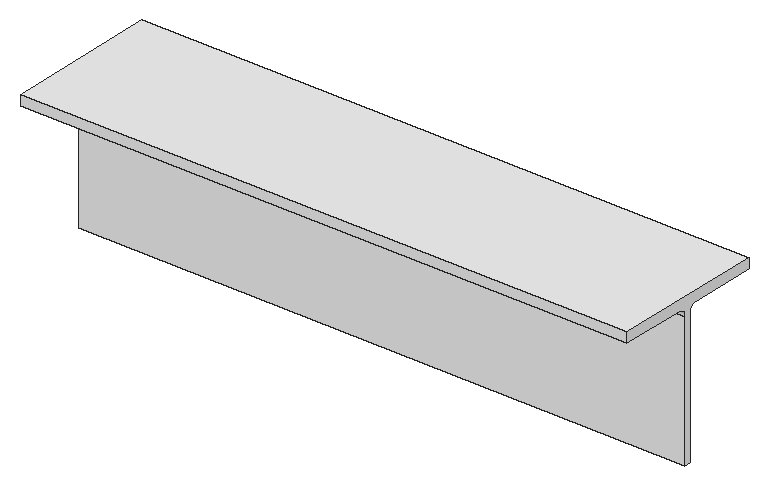
Revit family "UBT-T estrutural", category Quadro estrutural, Revit 2019
Family settings
  Arredondamento do comprimento do framing estrutural = 0 mm
  Forma do corte = Não definido
  Material para o comportamento do modelo = Aço
  Exportar sempre como geometria = Não
  Número OmniClass = 23.25.30.11.14.14
  Título OmniClass = Beams
  ID de item do Seek = UBT-Structural Tee-0000-CAN-ENU
  Sempre na vertical = Sim
  Corte com vazios quando carregada = Não
  Representação simbólica = Das configurações de projeto
  Compartilhado = Não
  Exibir o pré-corte da família na vista da planta = Sim
Parameters (values of type "305x305x75UBT")
  W = 0
  Structural Material [instance] = Aço, 45-345
  Assembly Code = ""
  Ix = 7415
  Length [instance] = 1524 mm
  M = 74.6
  Zx = 1150
  b = 306.1 mm
  h = 304.8 mm
  r = 16.5 mm
  s = 11.8 mm
  t = 19.7 mm
  A = 0.01 m²
Reference planes
  plane 1 "Centro (Frente/Trás)": y = 0
  plane 2: z = 0
  plane 3 "Centro (Esquerda/Direita)": x = 4.61
  plane 4 "Membro esquerdo": x = -604.99
  plane 5 "Membro direito": x = 614.21
  plane 6: y = 153.05
  plane 7: y = -153.05
  plane 8 "Superior": z = 152.4
  plane 9: z = -152.4
  plane 10 "Esquerda": x = -757.39
  plane 11 "Direita": x = 766.61
Forms (mm)
  Sweep 1, solid, material "Aço, 45-345" <- "Structural Material", detail levels medium
    path origin (0, 0, 0) x (1, 0, 0) y (0, 1, 0)
      loop
        line (614.21, 0) -> (-604.99, 0)
    profile "M_T estrutural-Perfil-Médio : M_T estrutural-Perfil-Médio" origin (4.61, 0, 0) x (0, -1, 0) y (0, 0, 1)
      loop
        line (-153.05, 152.4) -> (-153.05, 132.7) -> (-5.9, 132.7) -> (-5.9, -152.4) -> (5.9, -152.4) -> (5.9, 132.7) -> (153.05, 132.7) -> (153.05, 152.4) -> (-153.05, 152.4)
  Sweep 2, solid, material "Aço, 45-345" <- "Structural Material", detail levels fine
    path origin (0, 0, 0) x (1, 0, 0) y (0, 1, 0)
      loop
        line (614.21, 0) -> (-604.99, 0)
    profile "M_T estrutural-Perfil-Alto : M_T estrutural-Perfil-Alto" origin (4.61, 0, 0) x (0, -1, 0) y (0, 0, 1)
      loop
        line (-153.05, 152.4) -> (-153.05, 132.7) -> (-22.4, 132.7)
        arc (-22.4, 132.7) -> (-10.733, 127.867) -> (-5.9, 116.2) r 16.5
        line (-5.9, 116.2) -> (-5.9, -152.4) -> (5.9, -152.4) -> (5.9, 116.2)
        arc (5.9, 116.2) -> (10.733, 127.867) -> (22.4, 132.7) r 16.5
        line (22.4, 132.7) -> (153.05, 132.7) -> (153.05, 152.4) -> (-153.05, 152.4)
Lines and regions (mm)
  symbolic lines, style "Faces ocultas", detail levels medium+fine
    curve 1: line (614.21, -5.9, 0) -> (-604.99, -5.9, 0)
    curve 2: line (614.21, 5.9, 0) -> (-604.99, 5.9, 0)
  symbolic lines, style "Símbolos de vara", detail levels coarse
    curve 3: line (4.61, 153.05, 152.4) -> (4.61, -153.05, 152.4)
    curve 4: line (4.61, 0, 152.4) -> (4.61, 0, -152.4)
Dimensions and locks
  "b": plane 6 to plane 7
  "h": plane 9 to plane 8 "Superior"
  equal spacing: plane 9, plane 2, plane 8 "Superior"
  equal spacing: plane 6, plane 1 "Centro (Frente/Trás)", plane 7
  "Length": plane 10 "Esquerda" to plane 11 "Direita"
  aligned and locked: Sweep 1 sketch curve to plane 1 "Centro (Frente/Trás)"
  aligned and locked: Sweep 2 sketch curve to plane 1 "Centro (Frente/Trás)"
  aligned and locked: Sweep 2 to curve 3  (x2)
  aligned and locked: curve 4 to Sweep 1
  aligned and locked: curve 3 to Sweep 2
  aligned and locked: plane 4 "Membro esquerdo" to Sweep 2 sketch curve
  aligned and locked: plane 5 "Membro direito" to Sweep 2 sketch curve
  aligned and locked: plane 4 "Membro esquerdo" to Sweep 1 sketch curve
  aligned and locked: plane 5 "Membro direito" to Sweep 1 sketch curve
  aligned and locked: plane 4 "Membro esquerdo" to curve 2
  aligned and locked: plane 4 "Membro esquerdo" to curve 1
  aligned and locked: plane 5 "Membro direito" to curve 2
  aligned and locked: plane 5 "Membro direito" to curve 1
Automatic sketch dimensions
  plane 1 "Centro (Frente/Trás)" to curve 1 = 5.9 mm
  curve 2 to plane 1 "Centro (Frente/Trás)" = 5.9 mm
  curve 4 to plane 1 "Centro (Frente/Trás)" = 0 mm
Types in the file's own list only (63): name | Ix | M | Zx | b | h | r | s | t | A
  305x457x127UBT | 32700 | 126.7 | 2720 | 459 mm | 306 mm | 19 mm | 17 mm | 28 mm | 0.02 m²
  305x457x112UBT | 29060 | 112.1 | 2395 | 455 mm | 304 mm | 19 mm | 16 mm | 24 mm | 0.01 m²
  305x457x101UBT | 26350 | 100.4 | 2106 | 451 mm | 303 mm | 19 mm | 15 mm | 20 mm | 0.01 m²
  292x419x113UBT | 24620 | 113.3 | 2276 | 425 mm | 294 mm | 18 mm | 16 mm | 27 mm | 0.01 m²
  292x419x97UBT | 21340 | 96.9 | 1926 | 420 mm | 292 mm | 18 mm | 15 mm | 22 mm | 0.01 m²
  292x419x88UBT | 19570 | 87.9 | 1723 | 417 mm | 292 mm | 18 mm | 14 mm | 19 mm | 0.01 m²
  267x381x99UBT | 17510 | 98.4 | 1770 | 385 mm | 268 mm | 17 mm | 16 mm | 25 mm | 0.01 m²
  267x381x87UBT | 15480 | 86.5 | 1550 | 381 mm | 267 mm | 17 mm | 14 mm | 22 mm | 0.01 m²
  267x381x74UBT | 13240 | 73.5 | 1304 | 377 mm | 265 mm | 17 mm | 13 mm | 18 mm | 0.01 m²
  254x343x85UBT | 12050 | 85.1 | 1389 | 346 mm | 256 mm | 15 mm | 15 mm | 24 mm | 0.01 m²
  254x343x76UBT | 10750 | 76.2 | 1249 | 344 mm | 255 mm | 15 mm | 13 mm | 21 mm | 0.01 m²
  254x343x70UBT | 9910 | 70 | 1149 | 342 mm | 254 mm | 15 mm | 12 mm | 19 mm | 0.01 m²
  254x343x63UBT | 8976 | 62.6 | 1014 | 339 mm | 253 mm | 15 mm | 12 mm | 16 mm | 0.01 m²
  305x305x119UBT | 12340 | 119 | 1737 | 318 mm | 311 mm | 17 mm | 18 mm | 31 mm | 0.02 m²
  305x305x90UBT | 9043 | 89.5 | 1353 | 310 mm | 307 mm | 17 mm | 14 mm | 24 mm | 0.01 m²
  229x305x70UBT | 7741 | 69.9 | 1017 | 309 mm | 230 mm | 13 mm | 13 mm | 22 mm | 0.01 m²
  229x305x63UBT | 6898 | 62.5 | 915 | 306 mm | 229 mm | 13 mm | 12 mm | 20 mm | 0.01 m²
  229x305x57UBT | 6265 | 56.5 | 826 | 304 mm | 228 mm | 13 mm | 11 mm | 17 mm | 0.01 m²
  229x305x51UBT | 5691 | 50.6 | 732 | 301 mm | 228 mm | 13 mm | 11 mm | 15 mm | 0.01 m²
  210x267x61UBT | 5161 | 61 | 775 | 272 mm | 212 mm | 13 mm | 13 mm | 21 mm | 0.01 m²
  210x267x55UBT | 4604 | 54.5 | 697 | 270 mm | 211 mm | 13 mm | 12 mm | 19 mm | 0.01 m²
  210x267x51UBT | 4245 | 50.5 | 650 | 268 mm | 210 mm | 13 mm | 11 mm | 17 mm | 0.01 m²
  210x267x46UBT | 3885 | 46.1 | 593 | 267 mm | 209 mm | 13 mm | 10 mm | 16 mm | 0.01 m²
  210x267x41UBT | 3527 | 41.1 | 523 | 264 mm | 209 mm | 13 mm | 10 mm | 13 mm | 0.01 m²
  191x229x49UBT | 2967 | 49.2 | 536 | 234 mm | 193 mm | 10 mm | 11 mm | 20 mm | 0.01 m²
  191x229x45UBT | 2684 | 44.6 | 491 | 232 mm | 192 mm | 10 mm | 11 mm | 18 mm | 0.01 m²
  191x229x41UBT | 2474 | 41 | 452 | 230 mm | 191 mm | 10 mm | 10 mm | 16 mm | 0.01 m²
  191x229x37UBT | 2224 | 37.1 | 413 | 228 mm | 190 mm | 10 mm | 9 mm | 15 mm | 0.00 m²
  191x229x34UBT | 2034 | 33.6 | 372 | 227 mm | 190 mm | 10 mm | 9 mm | 13 mm | 0.00 m²
  152x229x41UBT | 2596 | 41 | 436 | 233 mm | 155 mm | 10 mm | 11 mm | 19 mm | 0.01 m²
  152x229x37UBT | 2332 | 37.1 | 397 | 231 mm | 154 mm | 10 mm | 10 mm | 17 mm | 0.00 m²
  152x229x34UBT | 2121 | 33.6 | 359 | 229 mm | 154 mm | 10 mm | 9 mm | 15 mm | 0.00 m²
  152x229x30UBT | 1879 | 29.9 | 322 | 227 mm | 153 mm | 10 mm | 8 mm | 13 mm | 0.00 m²
  152x229x26UBT | 1670 | 26.2 | 276 | 225 mm | 152 mm | 10 mm | 8 mm | 11 mm | 0.00 m²
  178x203x37UBT | 1736 | 37.1 | 365 | 206 mm | 180 mm | 10 mm | 10 mm | 16 mm | 0.00 m²
  178x203x34UBT | 1573 | 33.6 | 332 | 205 mm | 179 mm | 10 mm | 9 mm | 14 mm | 0.00 m²
  178x203x30UBT | 1395 | 30 | 301 | 203 mm | 178 mm | 10 mm | 8 mm | 13 mm | 0.00 m²
  178x203x27UBT | 1294 | 27.1 | 268 | 201 mm | 178 mm | 10 mm | 8 mm | 11 mm | 0.00 m²
  140x203x23UBT | 1123 | 23 | 224 | 202 mm | 142 mm | 10 mm | 7 mm | 11 mm | 0.00 m²
  140x203x20UBT | 979 | 19.5 | 184 | 199 mm | 142 mm | 10 mm | 6 mm | 9 mm | 0.00 m²
  171x178x34UBT | 1154 | 33.5 | 288 | 182 mm | 173 mm | 10 mm | 9 mm | 16 mm | 0.00 m²
  171x178x29UBT | 986 | 28.5 | 248 | 179 mm | 172 mm | 10 mm | 8 mm | 13 mm | 0.00 m²
  171x178x26UBT | 882 | 25.5 | 224 | 177 mm | 172 mm | 10 mm | 7 mm | 12 mm | 0.00 m²
  171x178x23UBT | 798 | 22.5 | 197 | 176 mm | 171 mm | 10 mm | 7 mm | 10 mm | 0.00 m²
  127x178x20UBT | 728 | 19.5 | 164 | 177 mm | 126 mm | 10 mm | 7 mm | 11 mm | 0.00 m²
  127x178x17UBT | 626 | 16.5 | 137 | 174 mm | 125 mm | 10 mm | 6 mm | 9 mm | 0.00 m²
  165x152x27UBT | 642 | 27 | 200 | 155 mm | 167 mm | 9 mm | 8 mm | 14 mm | 0.00 m²
  165x152x23UBT | 536 | 23.1 | 174 | 153 mm | 166 mm | 9 mm | 7 mm | 12 mm | 0.00 m²
  165x152x20UBT | 468 | 20.1 | 155 | 152 mm | 165 mm | 9 mm | 6 mm | 10 mm | 0.00 m²
  127x152x24UBT | 662 | 24 | 168 | 155 mm | 125 mm | 9 mm | 9 mm | 14 mm | 0.00 m²
  127x152x21UBT | 573 | 21 | 148 | 154 mm | 124 mm | 9 mm | 8 mm | 12 mm | 0.00 m²
  127x152x19UBT | 501 | 18.5 | 132 | 152 mm | 123 mm | 9 mm | 7 mm | 11 mm | 0.00 m²
  102x152x17UBT | 487 | 16.4 | 118 | 156 mm | 102 mm | 8 mm | 7 mm | 11 mm | 0.00 m²
  102x152x14UBT | 420 | 14.1 | 100 | 154 mm | 102 mm | 8 mm | 6 mm | 9 mm | 0.00 m²
  102x152x13UBT | 377 | 12.4 | 85 | 153 mm | 102 mm | 8 mm | 6 mm | 7 mm | 0.00 m²
  146x127x22UBT | 343 | 21.5 | 130 | 130 mm | 147 mm | 8 mm | 7 mm | 13 mm | 0.00 m²
  146x127x19UBT | 292 | 18.5 | 115 | 128 mm | 146 mm | 8 mm | 6 mm | 11 mm | 0.00 m²
  146x127x16UBT | 259 | 15.6 | 97.4 | 126 mm | 146 mm | 8 mm | 6 mm | 9 mm | 0.00 m²
  102x127x14UBT | 277 | 14.2 | 85.5 | 130 mm | 102 mm | 8 mm | 6 mm | 10 mm | 0.00 m²
  102x127x13UBT | 250 | 12.6 | 75.3 | 129 mm | 102 mm | 8 mm | 6 mm | 8 mm | 0.00 m²
  102x127x11UBT | 223 | 11 | 64.5 | 127 mm | 102 mm | 8 mm | 6 mm | 7 mm | 0.00 m²
  133x102x15UBT | 154 | 15 | 73.1 | 103 mm | 134 mm | 8 mm | 6 mm | 10 mm | 0.00 m²
  133x102x13UBT | 131 | 12.5 | 62.4 | 102 mm | 133 mm | 8 mm | 6 mm | 8 mm | 0.00 m²
